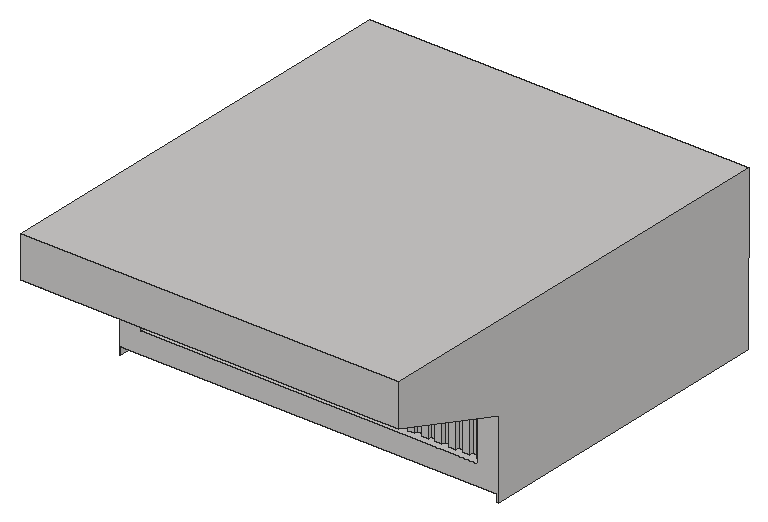
Revit family "QF_ZANUSSI_922721_HOODFAST61021", category Specialty Equipment, Revit 2021
Family settings
  Round Connector Dimension = Use Diameter
  Part Type = Normal
  Work Plane-Based = No
  Always vertical = Yes
  Cut with Voids When Loaded = No
  Shared = No
  Room Calculation Point = No
Parameters
  Weight = 116.00 kg
  Watts = 0 W
  Volts = 220 V
  URL Manufacturer = "http://www.zanussiprofessional.com"
  URL = "http://www.zanussiprofessional.com"
  Steam Supply Size = 0 mm
  Steam Supply Minimum Pressure = 0.0 Pa
  Steam Supply Maximum Pressure = 0.0 Pa
  Steam Pounds per Hour = 0
  Show Logo [instance] = yes
  Show Clearance [instance] = yes
  Refrigeration Suction Line Size = 0 mm
  Refrigeration Liquid Line Size = 0 mm
  Refrigerant Compressor Remote = yes
  Manufacturer = "Zanussi"
  Phase = 1
  Model = "HOOS21E"
  Length Actual = 1098 mm
  Item Number = "922721"
  Hot Water Size = 0 mm
  Height Actual = 472 mm
  HP = "1.1 HP"
  Gas Size = 0 mm
  Gas KW = 0
  Gas Input Pressure = 0 W
  Direct Waste Size = 0 mm
  Description = "ODOUR REDUCTION HOOD WITH FAN FOR STACKING 6+6&10 GN 2/1 ELECTRIC OVENS"
  Depth Actual = 1266 mm
  Default Elevation = 0 mm
  Cycle = 50 Hz
  Condensate Return Size = 0 mm
  Compressed Air Volume = 0.0 L/s
  Compressed Air Size = 0 mm
  Compressed Air Pressure = 0.0 Pa
  Cold Water Size = 0 mm
  Accessory = no
Reference planes
  plane 1 "Center X": y = 190.351
  plane 2: z = 0
  plane 3 "Center Y": x = -215
  plane 4 "LEFT": x = -760
  plane 5 "BACK": y = 675.851
  plane 6 "RIGHT": x = 330
  plane 7 "FRONT": y = -295.149
  plane 8 "TOP": z = 1728
  plane 9: y = -590.149
  plane 10: x = -764
  plane 11: x = 334
  plane 12: z = 2178
Forms (mm)
  Extrusion 1, solid, material "QF_Clearance", visible <- "Show Clearance", detail levels coarse
    sketch origin (0, 0, 0) x (1, 0, 0) y (0, 1, 0)
      loop
        line (-764, 675.851) -> (334, 675.851) -> (334, 825.851) -> (-764, 825.851) -> (-764, 675.851)
    from 1707 to 2178
  Extrusion 2, solid, material "QF_Clearance", visible <- "Show Clearance", detail levels coarse
    sketch origin (-1150.39, -1524, 2178) x (-1, 0, 0) y (0, -1, 0)
      loop
        line (-386.39, -933.851) -> (-1484.39, -933.851) -> (-1484.39, -2349.851) -> (-386.39, -2349.851) -> (-386.39, -933.851)
    from 450 to 0
  Extrusion 3, solid, material "QF_Finishes_Stainless Steel"
    sketch origin (-215, 0, 0) x (0, 1, 0) y (0, 0, 1)
      loop
        line (675.851, 1728) -> (675.851, 2178) -> (-590.149, 2178) -> (-590.149, 2057.936) -> (-230.149, 1933.979) -> (-230.149, 1728) -> (675.851, 1728)
    from -549 to -489
  Extrusion 4, solid, material "QF_Finishes_Stainless Steel"
    sketch origin (-215, 0, 0) x (0, 1, 0) y (0, 0, 1)
      loop
        line (675.851, 1728) -> (675.851, 2178) -> (-590.149, 2178) -> (-590.149, 2057.936) -> (-230.149, 1933.979) -> (-230.149, 1728) -> (675.851, 1728)
    from 549 to 489
  Extrusion 5, solid, material "QF_Finishes_Stainless Steel"
    sketch origin (-215, 0, 0) x (0, 1, 0) y (0, 0, 1)
      loop
        line (675.851, 1728) -> (675.851, 2178) -> (-590.149, 2178) -> (-590.149, 2057.936) -> (-210.149, 2057.936) -> (-210.149, 1788) -> (-230.149, 1788) -> (-230.149, 1728) -> (675.851, 1728)
    from -489 to 489
  Extrusion 6, solid, material "QF_Finishes_Stainless Steel"
    sketch origin (0, -295.149, 0) x (-1, 0, 0) y (0, 0, 1)
      loop
        line (764, 1728) -> (760, 1728) -> (760, 1707) -> (764, 1707) -> (764, 1728)
      loop
        line (-330, 1728) -> (-334, 1728) -> (-334, 1707) -> (-330, 1707) -> (-330, 1728)
    from 65 to 971
  Extrusion 7, void
    sketch origin (0, 0, 0) x (1, 0, 0) y (0, 1, 0)
      loop
        line (-685, -200.149) -> (-685, -210.149) -> (-665, -210.149) -> (-665, -200.149) -> (-685, -200.149)
      loop
        line (-645, -200.149) -> (-645, -210.149) -> (-625, -210.149) -> (-625, -200.149) -> (-645, -200.149)
      loop
        line (-605, -200.149) -> (-605, -210.149) -> (-585, -210.149) -> (-585, -200.149) -> (-605, -200.149)
      loop
        line (-565, -200.149) -> (-565, -210.149) -> (-545, -210.149) -> (-545, -200.149) -> (-565, -200.149)
      loop
        line (-525, -200.149) -> (-525, -210.149) -> (-505, -210.149) -> (-505, -200.149) -> (-525, -200.149)
      loop
        line (-485, -200.149) -> (-485, -210.149) -> (-465, -210.149) -> (-465, -200.149) -> (-485, -200.149)
      loop
        line (-445, -200.149) -> (-445, -210.149) -> (-425, -210.149) -> (-425, -200.149) -> (-445, -200.149)
      loop
        line (-405, -200.149) -> (-405, -210.149) -> (-385, -210.149) -> (-385, -200.149) -> (-405, -200.149)
      loop
        line (-365, -200.149) -> (-365, -210.149) -> (-345, -210.149) -> (-345, -200.149) -> (-365, -200.149)
      loop
        line (-325, -200.149) -> (-325, -210.149) -> (-305, -210.149) -> (-305, -200.149) -> (-325, -200.149)
      loop
        line (-285, -200.149) -> (-285, -210.149) -> (-265, -210.149) -> (-265, -200.149) -> (-285, -200.149)
      loop
        line (-245, -200.149) -> (-245, -210.149) -> (-225, -210.149) -> (-225, -200.149) -> (-245, -200.149)
      loop
        line (-205, -200.149) -> (-205, -210.149) -> (-185, -210.149) -> (-185, -200.149) -> (-205, -200.149)
      loop
        line (-165, -200.149) -> (-165, -210.149) -> (-145, -210.149) -> (-145, -200.149) -> (-165, -200.149)
      loop
        line (-125, -200.149) -> (-125, -210.149) -> (-105, -210.149) -> (-105, -200.149) -> (-125, -200.149)
      loop
        line (-85, -200.149) -> (-85, -210.149) -> (-65, -210.149) -> (-65, -200.149) -> (-85, -200.149)
      loop
        line (-45, -200.149) -> (-45, -210.149) -> (-25, -210.149) -> (-25, -200.149) -> (-45, -200.149)
      loop
        line (-5, -200.149) -> (-5, -210.149) -> (15, -210.149) -> (15, -200.149) -> (-5, -200.149)
      loop
        line (35, -200.149) -> (35, -210.149) -> (55, -210.149) -> (55, -200.149) -> (35, -200.149)
      loop
        line (75, -200.149) -> (75, -210.149) -> (95, -210.149) -> (95, -200.149) -> (75, -200.149)
      loop
        line (115, -200.149) -> (115, -210.149) -> (135, -210.149) -> (135, -200.149) -> (115, -200.149)
      loop
        line (155, -200.149) -> (155, -210.149) -> (175, -210.149) -> (175, -200.149) -> (155, -200.149)
      loop
        line (195, -200.149) -> (195, -210.149) -> (215, -210.149) -> (215, -200.149) -> (195, -200.149)
      loop
        line (235, -200.149) -> (235, -210.149) -> (255, -210.149) -> (255, -200.149) -> (235, -200.149)
    from 1788 to 2057.936
  Extrusion 8, solid, material "QF_Finishes_Stainless Steel"
    sketch origin (0, 675.851, 0) x (-1, 0, 0) y (0, 0, 1)
      loop
        circle (-309, 2113) r 8
      loop
        circle (215, 1746) r 7
    from 0 to 20
  Extrusion 9, solid, material "QF_Finishes_Stainless Steel"
    sketch origin (-764, 902.856, 4000) x (0, 1, 0) y (0, 0, 1)
      loop
        line (-106.005, -2270.064) -> (-106.005, -2125.063) -> (-227.005, -2004.063) -> (-227.005, -2270.064) -> (-106.005, -2270.064)
    from 365 to 50
Cuts and joins
  joined: Extrusion 1, Extrusion 2
  Extrusion 7 cuts Extrusion 5
  joined: Extrusion 3, Extrusion 4, Extrusion 5, Extrusion 6, Extrusion 8, Extrusion 9
Lines and regions (mm)
  symbolic lines, style "QF_Clearances", visible <- "Show Clearance"
    curve 1: line (334, 825.851, 0) -> (-764, 825.851, 0)
  symbolic lines, style "Linee tratto punto"
    curve 2: line (-764, 675.851, 0) -> (334, 675.851, 0)
    curve 3: line (-764, -590.149, 0) -> (-764, 675.851, 0)
    curve 4: line (334, -590.149, 0) -> (-764, -590.149, 0)
    curve 5: line (334, 675.851, 0) -> (334, -590.149, 0)
    curve 6: line (-714, 796.851, 0) -> (-714, 675.851, 0)
    curve 7: line (-399, 796.851, 0) -> (-714, 796.851, 0)
    curve 8: line (-399, 675.851, 0) -> (-399, 796.851, 0)
    curve 19: line (-764, -590.149, 0) -> (334, 675.851, 0)
    curve 20: line (-764, 675.851, 0) -> (334, -590.149, 0)
  symbolic lines
    curve 9: line (-222, 695.851, 0) -> (-208, 695.851, 0)
    curve 10: line (-208, 695.851, 0) -> (-208, 675.851, 0)
    curve 11: line (-222, 695.851, 0) -> (-222, 675.851, 0)
    curve 12: line (317, 695.851, 0) -> (317, 675.851, 0)
    curve 13: line (317, 695.851, 0) -> (301, 695.851, 0)
    curve 14: line (301, 695.851, 0) -> (301, 675.851, 0)
  symbolic lines, style "SpecialityEquipmentHiddenLines"
    curve 15: line (-111, 534.851, 0) -> (189, 534.851, 0)
    curve 16: line (-111, 234.851, 0) -> (-111, 534.851, 0)
    curve 17: line (189, 234.851, 0) -> (-111, 234.851, 0)
    curve 18: line (189, 534.851, 0) -> (189, 234.851, 0)
Dimensions and locks
  equal spacing: plane 4 "LEFT", plane 3 "Center Y", plane 6 "RIGHT"
  plane 10 to plane 11 = 1098 mm
  plane 5 "BACK" to plane 9 = 1266 mm
  equal spacing: plane 5 "BACK", plane 1 "Center X", plane 7 "FRONT"
  locked: plane 10 to plane 4 "LEFT" at 4
  locked: plane 6 "RIGHT" to plane 11 at 4
  cut or joined group of Extrusion 3, Extrusion 4, Extrusion 5, Extrusion 6, Extrusion 7, Extrusion 8, Extrusion 9 to Extrusion 8 sketch curve = 39 mm
  Extrusion 8 sketch curve to plane 12 = 65 mm
  plane 11 to Extrusion 8 sketch curve = 25 mm
  aligned and locked: level to plane 2
Automatic sketch dimensions
  Extrusion 1 sketch curve to plane 10 = 0 mm
  Extrusion 1 sketch curve to plane 11 = 0 mm
  Extrusion 1 sketch curve to plane 5 "BACK" = 0 mm
  plane 5 "BACK" to Extrusion 1 sketch curve = 150 mm
  Extrusion 2 sketch curve to plane 9 = 0 mm
  Extrusion 2 sketch curve to plane 11 = 0 mm
  Extrusion 2 sketch curve to plane 10 = 0 mm
  plane 5 "BACK" to Extrusion 2 sketch curve = 150 mm
  Extrusion 3 sketch curve to plane 9 = 0 mm
  Extrusion 3 sketch curve to plane 8 "TOP" = 0 mm
  Extrusion 3 sketch curve to plane 5 "BACK" = 0 mm
  Extrusion 3 sketch curve to plane 12 = 0 mm
  plane 7 "FRONT" to Extrusion 3 sketch curve = 65 mm
  plane 8 "TOP" to Extrusion 3 sketch curve = 205.979 mm
  Extrusion 3 sketch curve to Extrusion 3 sketch curve = 120.064 mm
  Extrusion 4 sketch curve to plane 9 = 0 mm
  Extrusion 4 sketch curve to plane 8 "TOP" = 0 mm
  Extrusion 4 sketch curve to plane 5 "BACK" = 0 mm
  Extrusion 4 sketch curve to plane 12 = 0 mm
  plane 7 "FRONT" to Extrusion 4 sketch curve = 65 mm
  plane 8 "TOP" to Extrusion 4 sketch curve = 205.979 mm
  Extrusion 4 sketch curve to Extrusion 4 sketch curve = 120.064 mm
  Extrusion 5 sketch curve to plane 9 = 0 mm
  Extrusion 5 sketch curve to plane 8 "TOP" = 0 mm
  Extrusion 5 sketch curve to plane 5 "BACK" = 0 mm
  Extrusion 5 sketch curve to plane 12 = 0 mm
  plane 7 "FRONT" to Extrusion 5 sketch curve = 65 mm
  plane 7 "FRONT" to Extrusion 5 sketch curve = 85 mm
  plane 8 "TOP" to Extrusion 5 sketch curve = 60 mm
  Extrusion 5 sketch curve to plane 12 = 120.064 mm
  Extrusion 6 sketch curve to plane 8 "TOP" = 0 mm  (x2)
  Extrusion 6 sketch curve to plane 11 = 0 mm
  Extrusion 6 sketch curve to plane 6 "RIGHT" = 0 mm
  Extrusion 6 sketch curve to plane 4 "LEFT" = 0 mm
  Extrusion 6 sketch curve to plane 10 = 0 mm
  Extrusion 6 sketch curve to plane 8 "TOP" = 21 mm
  Extrusion 6 sketch curve to Extrusion 6 sketch curve = 21 mm
  plane 4 "LEFT" to Extrusion 7 sketch curve = 75 mm
  Extrusion 7 sketch curve to Extrusion 7 sketch curve = 20 mm  (x45)
  Extrusion 7 sketch curve to plane 3 "Center Y" = 10 mm
  plane 3 "Center Y" to Extrusion 7 sketch curve = 10 mm
  plane 7 "FRONT" to Extrusion 7 sketch curve = 85 mm  (x2)
  Extrusion 7 sketch curve to Extrusion 7 sketch curve = 0 mm  (x22)
  Extrusion 7 sketch curve to Extrusion 7 sketch curve = 10 mm  (x24)
  Extrusion 8 sketch curve to plane 3 "Center Y" = 0 mm
  Extrusion 9 sketch curve to plane 5 "BACK" = 0 mm
  plane 8 "TOP" to Extrusion 9 sketch curve = 1.937 mm
  plane 5 "BACK" to Extrusion 9 sketch curve = 121 mm
  Extrusion 9 sketch curve to Extrusion 9 sketch curve = 145 mm
  Extrusion 9 sketch curve to Extrusion 9 sketch curve = 121 mm
  curve 1 to plane 10 = 0 mm
  curve 4 to plane 10 = 0 mm
  curve 1 to plane 11 = 0 mm
  curve 19 to plane 5 "BACK" = 0 mm
  curve 19 to plane 11 = 0 mm
  curve 5 to plane 9 = 0 mm
  plane 4 "LEFT" to curve 6 = 46 mm
  curve 8 to plane 3 "Center Y" = 184 mm
  curve 11 to plane 3 "Center Y" = 7 mm
  plane 3 "Center Y" to curve 9 = 7 mm
  plane 3 "Center Y" to curve 15 = 104 mm
  curve 18 to plane 6 "RIGHT" = 141 mm
  curve 14 to plane 6 "RIGHT" = 29 mm
  curve 12 to plane 6 "RIGHT" = 13 mm
  curve 17 to plane 1 "Center X" = 44.5 mm
  curve 15 to plane 5 "BACK" = 141 mm
  curve 12 to curve 13 = 20 mm
  plane 5 "BACK" to curve 11 = 20 mm
  plane 5 "BACK" to curve 7 = 121 mm
  curve 12 to curve 1 = 130 mm
  radius of Extrusion 8 sketch curve = 8 mm
  radius of Extrusion 8 sketch curve = 7 mm
Connectors
  electrical at (309, 695.851, 2113)
    settings: on cut or joined group of Extrusion 3, Extrusion 4, Extrusion 5, Extrusion 6, Extrusion 7, Extrusion 8, Extrusion 9, index 1, voltage 0 V, apparent load 0 VA, apparent load phase1 0 VA, apparent load phase2 0 VA, apparent load phase3 0 VA, power factor 1, load classification "Altro", number of poles 1, system type 30, power factor state 1, is connector primary yes, connector utility no, sub classification motor no, connector description "Electrical Connection"
  piping at (-215, 695.851, 1746), diameter 14
    settings: on cut or joined group of Extrusion 3, Extrusion 4, Extrusion 5, Extrusion 6, Extrusion 7, Extrusion 8, Extrusion 9, index 2, connector inside diameter 609.6 mm, connector length 0 mm, flow factor 0, pipe flow 0.0 L/s, pressure drop 0.0 Pa, fitting loss kfactor 0, connector angle 0.00°, fixture units 0, engagement length 0 mm, angle of deflection 0.00°, flow configuration 1, flow direction 2, fitting loss method 0, system type 16, joint type 0, gender type 0, connector reference index -1, connector utility 0, adjustable connector no, is connector primary yes, connector description "Drain"
